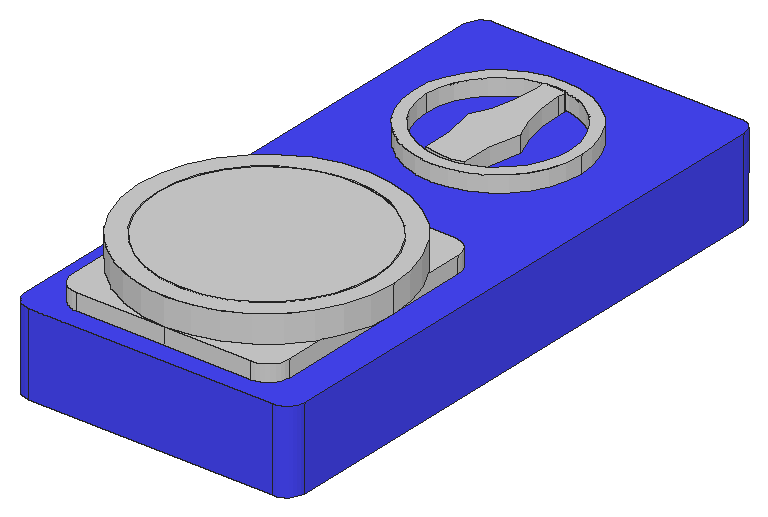
Revit family "Building-IEC309Connections-GEWISS-67IB-INTERLOCKED-SOCKET-OUTLETS_IP67_WITHOUT_BOTTOM_63A_FUS", category Apparecchi elettrici, host Superficie, Revit 2019
Family settings
  Host = Superficie
  Mantenere orientamento annotazione = Sì
  Quota connettore circolare = Usa diametro
  Tipo di parte = Normale
  Taglio con vuoti quando caricato = Sì
  Condiviso = Sì
  Punto di calcolo locali = Sì
Parameters (values of type "GW66355N - 63A 3P+N+E 500V V.INT.SOCK.O.N.B.7H CBF")
  presa = rosso
  giallo = 0 mm
  dist_piano [instance] = 0 mm
  Working temperature = "-25 ÷ +40 °C"
  With back-mounting box = "No"
  Weight (kg) = "Max. 2.2 Kg"
  Weight = "Max. 2.2 Kg"
  Vista_2d_pianta [instance] = yes
  Version file RFA = "21.4"
  URL = "https://www.gewiss.com/ww/en"
  Typology = "Vertical"
  Type of fuse = "Ø 22x58 mm"
  Thermo-pressure with ball = "125 °C"
  Technical sheet = "https://www.gewiss.com/ww/en/search?q=GW66355N"
  Struttura = Grigio RAL - 7035
  Simbolo presa = PRESAINDSTAGNA : 3P
  Simbolo [instance] = no
  Simb_circuito [instance] = not(Simbolo)  # yes
  Shock resistance = "IK08"
  SEO = "Socket outlet"
  Reference h = "7"
  Realized by GEWISS S.p.A. = ""
  Rated voltage: = "480 - 500 V"
  Rated voltage = "480 - 500 V"
  Rated short-circuit current (Icc) = "10KA"
  Rated insulation voltage (Ui) = "500V"
  Rated impulse withstand voltage = "4KV"
  Rated frequency (Hz) = "50/60 Hz"
  Rated current (In) = "63"
  Rated current (A) = "63"
  Protection = "Fuse-holder base (CBF)"
  Default Elevation = 1219.2 mm
  Produttore = "GEWISS S.p.A."
  Operating temperature: = "-25 +40 °C"
  Number of poles = "3P+N+E"
  No. of poles = "3P+N+E"
  Modello = "GW66355N"
  Immagine tipo = H.jpg
  IP degree = "IP67"
  IDT = "4db8474b-84e3-4347-92c1-42259bd8bc9a"
  IDF = "17539d88-40d3-4220-808a-0c55cd6dcccb"
  IB socket outlet rated current (In) = "48A"
  Glow wire test: = "850 °C"
  Glow Wire Test = "850 °C"
  Fuse breacking capacity = "> 50 kA"
  Frequency = "50/60 Hz"
  Electrocod = "2222"
  EAN code = "8011564742109"
  Distanza x [instance] = 0 mm
  Distanza orizzontale simbolo [instance] = 0 mm
  Distanza effettiva x [instance] = 1500 mm - Distanza x  # 1500 mm
  Descrizione = "63A 3P+N+E 500V V.INT.SOCK.O.N.B.7H CBF"
  Corpo presa = GEWISS -BLU
  Cornice simbolo [instance] = yes
  Colour: = "Black"
  Colour = "Black"
  Catalogue Range = "67 IB"
  Catalogue = "BUILDING"
  COBie.Tagnumber = ""
  COBie.CreatedOn = ""
  COBie.CreatebBy = ""
  COBie.ComponentRegisterItemID = ""
  COBie.Component.TagNumber = ""
  COBie.Component.Space = ""
  COBie.Component.SerialNumber = ""
  COBie.Component.InstallationDate = ""
  COBie.Component.Description = ""
  COBie.Component.BarCode = ""
Types (11, lengths in mm): name | Technical sheet | Reference h | Rated voltage: | Rated voltage | Number of poles | No. of poles | Modello | IDT | IB socket outlet rated current (In) | EAN code | Descrizione | Colour: | Colour
  GW66345N - 63A 2P+E 110V V.INT.SOCK.O.N.B.4H CBF | "https://www.gewiss.com/ww/en/search?q=GW66345N" | "4" | "100 - 130 V" | "100 - 130 V" | "2P+E" | "2P+E" | "GW66345N" | "4b837fe5-e4c2-4626-a97d-cca6ee99e685" | "54A" | "8011564742000" | "63A 2P+E 110V V.INT.SOCK.O.N.B.4H CBF" | "Yellow" | "Yellow"
  GW66346N - 63A 3P+E 110V V.INT.SOCK.O.N.B.4H CBF | "https://www.gewiss.com/ww/en/search?q=GW66346N" | "4" | "100 - 130 V" | "100 - 130 V" | "3P+E" | "3P+E" | "GW66346N" | "4c4410a6-467e-420a-9df7-8cc6c2932e27" | "52A" | "8011564742017" | "63A 3P+E 110V V.INT.SOCK.O.N.B.4H CBF" | "Yellow" | "Yellow"
  GW66347N - 63A 3P+N+E 110V V.INT.SOCK.O.N.B.4H CBF | "https://www.gewiss.com/ww/en/search?q=GW66347N" | "4" | "100 - 130 V" | "100 - 130 V" | "3P+N+E" | "3P+N+E" | "GW66347N" | "509b2adc-6624-4ef6-a389-740a951d5000" | "48A" | "8011564742024" | "63A 3P+N+E 110V V.INT.SOCK.O.N.B.4H CBF" | "Yellow" | "Yellow"
  GW66348N - 63A 2P+E 230V V.INT.SOCK.O.N.B.6H CBF | "https://www.gewiss.com/ww/en/search?q=GW66348N" | "6" | "200 - 250 V" | "200 - 250 V" | "2P+E" | "2P+E" | "GW66348N" | "b3ab9795-cf69-4349-9b47-740c6045b857" | "54A" | "8011564742031" | "63A 2P+E 230V V.INT.SOCK.O.N.B.6H CBF" | "Blue" | "Blue"
  GW66349N - 63A 3P+E 230V V.INT.SOCK.O.N.B.9H CBF | "https://www.gewiss.com/ww/en/search?q=GW66349N" | "9" | "200 - 250 V" | "200 - 250 V" | "3P+E" | "3P+E" | "GW66349N" | "02896c08-89f6-43bd-8194-13a8c1370ac5" | "52A" | "8011564742048" | "63A 3P+E 230V V.INT.SOCK.O.N.B.9H CBF" | "Blue" | "Blue"
  GW66350N - 63A 3P+N+E 230V V.INT.SOCK.O.N.B.9H CBF | "https://www.gewiss.com/ww/en/search?q=GW66350N" | "9" | "200 - 250 V" | "200 - 250 V" | "3P+N+E" | "3P+N+E" | "GW66350N" | "41c149cf-6bbd-433c-a3c7-372eb4135184" | "48A" | "8011564742055" | "63A 3P+N+E 230V V.INT.SOCK.O.N.B.9H CBF" | "Blue" | "Blue"
  GW66351N - 63A 2P+E 400V V.INT.SOCK.O.N.B.6H CBF | "https://www.gewiss.com/ww/en/search?q=GW66351N" | "9" | "380 - 415 V" | "380 - 415 V" | "2P+E" | "2P+E" | "GW66351N" | "141da110-bcb7-4cb5-b342-2def1369f166" | "54A" | "8011564742062" | "63A 2P+E 400V V.INT.SOCK.O.N.B.6H CBF" | "Red" | "Red"
  GW66352N - 63A 3P+E 400V V.INT.SOCK.O.N.B.9H CBF | "https://www.gewiss.com/ww/en/search?q=GW66352N" | "6" | "380 - 415 V" | "380 - 415 V" | "3P+E" | "3P+E" | "GW66352N" | "225a84bf-1993-4016-8b32-75fc2fcac37d" | "52A" | "8011564742079" | "63A 3P+E 400V V.INT.SOCK.O.N.B.9H CBF" | "Red" | "Red"
  GW66353N - 63A 3P+N+E 400V V.INT.SOCK.O.N.B.9H CBF | "https://www.gewiss.com/ww/en/search?q=GW66353N" | "6" | "380 - 415 V" | "380 - 415 V" | "3P+N+E" | "3P+N+E" | "GW66353N" | "61b4eed7-4850-4a25-95e5-51eea97569ed" | "48A" | "8011564742086" | "63A 3P+N+E 400V V.INT.SOCK.O.N.B.9H CBF" | "Red" | "Red"
  GW66354N - 63A 3P+E 500V V.INT.SOCK.O.N.B.7H CBF | "https://www.gewiss.com/ww/en/search?q=GW66354N" | "7" | "480 - 500 V" | "480 - 500 V" | "3P+E" | "3P+E" | "GW66354N" | "96b87499-3bd7-40db-951f-f2ee8e7f33d6" | "52A" | "8011564742093" | "63A 3P+E 500V V.INT.SOCK.O.N.B.7H CBF" | "Black" | "Black"
  GW66355N - 63A 3P+N+E 500V V.INT.SOCK.O.N.B.7H CBF | "https://www.gewiss.com/ww/en/search?q=GW66355N" | "7" | "480 - 500 V" | "480 - 500 V" | "3P+N+E" | "3P+N+E" | "GW66355N" | "4db8474b-84e3-4347-92c1-42259bd8bc9a" | "48A" | "8011564742109" | "63A 3P+N+E 500V V.INT.SOCK.O.N.B.7H CBF" | "Black" | "Black"
Reference planes
  plane 1 "Centro (Fronte/Retro)": y = 0
  plane 2: z = 0
  plane 3 "Centro (Sinistra/Destra)": x = 0
  plane 4: z = -2
  plane 5: x = 0
  plane 6: x = -1500
  plane 7: x = 0
  plane 8: through (-170.762, -4572, -38.353) normal (-0.6157, 0, 0.788)
  plane 9: x = -51.152
  plane 10: x = 53.222
  plane 11: z = -2
  plane 12: y = -110
  plane 13: y = 110
  plane 14: z = -2
  plane 15: z = 45
Forms (mm)
  Extrusion 1, solid, detail levels coarse
    sketch origin (0, 0, 0) x (1, 0, 0) y (0, 0, 1)
      loop
        line (-51.152, 45) -> (-51.152, -2) -> (53.222, -2) -> (53.222, 45) -> (-51.152, 45)
    from -108.895 to 109.105
Lines and regions (mm)
  Masking region 1, visible <- "Vista_2d_pianta"
    outline origin (0, 0, 0) x (1, 0, 0) y (0, 0, 1)
      loop
        line (-50.384, 28) -> (-50.384, -2) -> (52.616, -2) -> (52.616, 28) -> (-50.384, 28)
  Masking region 2, visible <- "Vista_2d_pianta"
    outline origin (0, 0, 0) x (1, 0, 0) y (0, 0, 1)
      loop
        line (-40, 34) -> (-40, 28) -> (40, 28) -> (40, 34) -> (-40, 34)
  Masking region 3, visible <- "Vista_2d_pianta"
    outline origin (0, 0, 0) x (1, 0, 0) y (0, 0, 1)
      loop
        line (-46.899, 34) -> (46.899, 34) -> (46.899, 44) -> (-46.899, 44) -> (-46.899, 34)
Dimensions and locks
  locked: plane 2 to plane 4 at 2
  "Distanza effettiva x": plane 5 to plane 6
  plane 3 "Centro (Sinistra/Destra)" to plane 6 = 1500 mm
  plane 6 to plane 5 = 1500 mm
  "Distanza effettiva x": plane 6 to plane 7
  locked: plane 9 to Masking region 1 at 0.768
  locked: Masking region 1 to plane 10 at 0.606
  "dist_piano": plane 14 to plane 4
  equal spacing: plane 12, plane 1 "Centro (Fronte/Retro)", plane 13
  locked: plane 12 to plane 13 at 220
  locked: plane 11 to plane 14 at 0
  locked: plane 15 to plane 11 at 47
  angle plane 8 to plane 4 = 142.00°
  angle plane 7 to plane 8 = 128.00°
  aligned and locked: plane 2 to host face
  aligned and locked: level to host face
  aligned and locked: plane 3 "Centro (Sinistra/Destra)" to nested 1
  aligned and locked: Masking region 1 sketch curve to nested 1  (x4)
  aligned and locked: Masking region 2 sketch curve to nested 1  (x4)
  aligned and locked: Extrusion 1 sketch curve to plane 9
  aligned and locked: Extrusion 1 sketch curve to plane 10
  aligned and locked: nested 1 to plane 11
  aligned and locked: Masking region 3 sketch curve to nested 1  (x4)
  aligned and locked: Extrusion 1 to plane 14
  aligned and locked: plane 15 to Extrusion 1
  aligned and locked: plane 7 to nested 2
  aligned and locked: plane 7 to nested 3
Automatic sketch dimensions
  host sketch curve to host sketch curve = 2438.4 mm  (x2)
  Extrusion 1 sketch curve to plane 11 = 0 mm
  plane 11 to Extrusion 1 sketch curve = 47 mm
Nested families
  nested 1: "IB PRESE INTERBLOC VERT_NO FONDO" at (0, 0, -2), type "IB PRESE INTERBLOC VERT_NO FONDO", detail levels medium+fine
  nested 2: "simbolo_circuitoGW66324N" at (0, 30.442, 0), Distanza dal muro <- "Distanza orizzontale simbolo", SIMBOLO ACCESO <- "Simb_circuito", visible <- "Simb_circuito", type "3P"
    with SIMBOLO ACCESO yes, Distanza dal muro 0 mm, BORDO ACCESO yes
  nested 3: "PRESAINDPFUS_BASE" at (0, 23.722, 0), visible <- "Simbolo", type "2P"
Definition of nested family "IB PRESE INTERBLOC VERT_NO FONDO"
  Parameters (values of type "IB PRESE INTERBLOC VERT_NO FONDO")
    corpo presa = none
    Struttura = none
    Spessore = 30 mm
    Raggio = 40 mm
    Default Elevation = 14 mm
    Presa = none
    Lunghezza = 103 mm
    IFC.TypeObject = ""
    IFC.ExportType = ""
    IFC.ExportAs = ""
    H_da terra = 586.883 mm
    COBie.CreatedOn = ""
    COBie.CreatebBy = ""
    COBie.ComponentRegisterItemID = ""
    COBie.Component.TagNumber = ""
    COBie.Component.Space = ""
    COBie.Component.SerialNumber = ""
    COBie.Component.InstallationDate = ""
    COBie.Component.Description = ""
    COBie.Component.BarCode = ""
    Altezza = 220 mm
  Reference planes
    plane 1 "Centro (Fronte/Retro)": y = 0
    plane 2: z = 0
    plane 3 "Centro (Sinistra/Destra)": x = 0
    plane 4: z = 6.883
    plane 5: z = 10.499
    plane 6 "presa": z = 46
    plane 7: z = 36
    plane 8: z = 30
    plane 9: x = -40
    plane 10: x = 40
    plane 11: y = -5.355
    plane 12: y = -98.612
    plane 13: y = -51.359
  Forms (mm)
    Extrusion 1, solid, material <- "Struttura"
      sketch origin (0, -697.104, -30) x (1, 0, 0) y (0, 1, 0)
        loop
          line (-0.408, 691.748) -> (-32.003, 691.748)
          spline (-32.003, 691.748) -> (-33.047, 691.681) -> (-34.073, 691.48) -> (-35.063, 691.148) -> (-36.002, 690.693) -> (-36.871, 690.12) -> (-37.658, 689.441) -> (-38.347, 688.666) -> (-38.929, 687.809) -> (-39.391, 686.885) -> (-39.728, 685.909) -> (-39.932, 684.898) -> (-40, 683.87)
          line (-40, 683.87) -> (-40, 606.37)
          spline (-40, 606.37) -> (-39.932, 605.341) -> (-39.728, 604.331) -> (-39.391, 603.355) -> (-38.929, 602.43) -> (-38.347, 601.574) -> (-37.658, 600.799) -> (-36.871, 600.119) -> (-36.002, 599.547) -> (-35.063, 599.091) -> (-34.073, 598.76) -> (-33.047, 598.559) -> (-32.003, 598.491)
          line (-32.003, 598.491) -> (0, 598.491) -> (32.003, 598.491)
          spline (32.003, 598.491) -> (33.047, 598.559) -> (34.073, 598.76) -> (35.063, 599.091) -> (36.002, 599.547) -> (36.871, 600.119) -> (37.658, 600.799) -> (38.347, 601.574) -> (38.929, 602.43) -> (39.391, 603.355) -> (39.728, 604.331) -> (39.932, 605.341) -> (40, 606.37)
          line (40, 606.37) -> (40, 683.87)
          spline (40, 683.87) -> (39.932, 684.898) -> (39.728, 685.909) -> (39.391, 686.885) -> (38.929, 687.809) -> (38.347, 688.666) -> (37.658, 689.441) -> (36.871, 690.12) -> (36.002, 690.693) -> (35.063, 691.148) -> (34.073, 691.48) -> (33.047, 691.681) -> (32.003, 691.748)
          line (32.003, 691.748) -> (-0.408, 691.748)
      from 60 to 66
    Extrusion 2, solid, material <- "Presa"
      sketch origin (0, -700.854, -30) x (1, 0, 0) y (0, 1, 0)
        loop
          circle (0, 649.495) r 46.899
        loop
          circle (0, 649.495) r 40
      from 66 to 76
    Extrusion 3, solid, material <- "Struttura"
      sketch origin (0, -697.104, -30) x (1, 0, 0) y (0, 1, 0)
        loop
          circle (0, 752.384) r 30.831
        loop
          circle (0, 752.384) r 26.483
      from 60 to 66
    Extrusion 4, solid, material <- "Struttura"
      sketch origin (0, -697.104, -30) x (1, 0, 0) y (0, 1, 0)
        loop
          arc (-9.552, 750.899) -> (-7.429, 739.645) -> (-7.314, 728.193) r 64.983
          arc (-7.314, 728.193) -> (-0.131, 727.067) -> (7.064, 728.115) r 24.316
          arc (7.064, 728.115) -> (7.302, 739.566) -> (9.547, 750.796) r 64.983
          arc (9.547, 750.796) -> (5.519, 762.425) -> (4.215, 774.661) r 54.251
          line (4.215, 774.661) -> (4.25, 777.658)
          arc (4.25, 777.658) -> (3.985, 778.329) -> (3.336, 778.647) r 1
          arc (3.336, 778.647) -> (0.147, 778.794) -> (-3.043, 778.682) r 39.364
          arc (-3.043, 778.682) -> (-3.695, 778.371) -> (-3.967, 777.702) r 1
          line (-3.967, 777.702) -> (-3.964, 774.706)
          arc (-3.964, 774.706) -> (-5.4, 762.483) -> (-9.552, 750.899) r 54.251
      from 60 to 66
    Extrusion 5, solid, material <- "corpo presa"
      sketch origin (-2.5, -699.604, -30) x (1, 0, 0) y (0, 1, 0)
        loop
          arc (55.116, 802.193) -> (53.269, 806.652) -> (48.81, 808.499) r 6.306
          line (48.81, 808.499) -> (-41.578, 808.499)
          arc (-41.578, 808.499) -> (-46.037, 806.652) -> (-47.884, 802.193) r 6.306
          line (-47.884, 802.193) -> (-47.884, 600.052)
          arc (-47.884, 600.052) -> (-45.976, 595.446) -> (-41.369, 593.537) r 6.515
          line (-41.369, 593.537) -> (48.601, 593.537)
          arc (48.601, 593.537) -> (53.208, 595.446) -> (55.116, 600.052) r 6.515
          line (55.116, 600.052) -> (55.116, 802.193)
      from 30 to 60
    Extrusion 6, solid, material <- "Struttura", not visible
      sketch origin (0, 47.014, -580) x (1, 0, 0) y (0, 0, 1)
        loop
          line (-0.408, 691.748) -> (-29.506, 691.748)
          spline (-29.506, 691.748) -> (-30.55, 691.681) -> (-31.576, 691.48) -> (-32.567, 691.148) -> (-33.505, 690.693) -> (-34.375, 690.12) -> (-35.161, 689.441) -> (-35.851, 688.666) -> (-36.432, 687.809) -> (-36.895, 686.885) -> (-37.231, 685.909) -> (-37.435, 684.898) -> (-37.503, 683.87)
          line (-37.503, 683.87) -> (-37.503, 615.12)
          spline (-37.503, 615.12) -> (-37.435, 614.091) -> (-37.231, 613.081) -> (-36.895, 612.105) -> (-36.432, 611.18) -> (-35.851, 610.324) -> (-35.161, 609.549) -> (-34.375, 608.869) -> (-33.505, 608.297) -> (-32.567, 607.841) -> (-31.576, 607.51) -> (-30.55, 607.309) -> (-29.506, 607.241)
          line (-29.506, 607.241) -> (0, 607.241) -> (29.506, 607.241)
          spline (29.506, 607.241) -> (30.55, 607.309) -> (31.576, 607.51) -> (32.567, 607.841) -> (33.505, 608.297) -> (34.375, 608.869) -> (35.161, 609.549) -> (35.851, 610.324) -> (36.432, 611.18) -> (36.895, 612.105) -> (37.231, 613.081) -> (37.435, 614.091) -> (37.503, 615.12)
          line (37.503, 615.12) -> (37.503, 683.87)
          spline (37.503, 683.87) -> (37.435, 684.898) -> (37.231, 685.909) -> (36.895, 686.885) -> (36.432, 687.809) -> (35.851, 688.666) -> (35.161, 689.441) -> (34.375, 690.12) -> (33.505, 690.693) -> (32.567, 691.148) -> (31.576, 691.48) -> (30.55, 691.681) -> (29.506, 691.748)
          line (29.506, 691.748) -> (-0.408, 691.748)
      from 51.991 to 55.821
    Extrusion 7, solid, material <- "Presa", not visible
      sketch origin (0, 47.014, -580) x (1, 0, 0) y (0, 0, 1)
        loop
          circle (0, 646.456) r 46.899
      from 55.821 to 62.709
    Extrusion 8, solid, material <- "Struttura", not visible
      sketch origin (0, 47.014, -580) x (1, 0, 0) y (0, 0, 1)
        loop
          circle (0, 752.384) r 30.831
        loop
          circle (0, 752.384) r 26.483
      from 51.991 to 62.709
    Extrusion 9, solid, material <- "Struttura", not visible
      sketch origin (0, 47.014, -580) x (1, 0, 0) y (0, 0, 1)
        loop
          arc (-9.552, 750.899) -> (-7.429, 739.645) -> (-7.314, 728.193) r 64.983
          arc (-7.314, 728.193) -> (-0.131, 727.067) -> (7.064, 728.115) r 24.316
          arc (7.064, 728.115) -> (7.302, 739.566) -> (9.547, 750.796) r 64.983
          arc (9.547, 750.796) -> (5.519, 762.425) -> (4.215, 774.661) r 54.251
          line (4.215, 774.661) -> (4.25, 777.658)
          arc (4.25, 777.658) -> (3.985, 778.329) -> (3.336, 778.647) r 1
          arc (3.336, 778.647) -> (0.147, 778.794) -> (-3.043, 778.682) r 39.364
          arc (-3.043, 778.682) -> (-3.695, 778.371) -> (-3.967, 777.702) r 1
          line (-3.967, 777.702) -> (-3.964, 774.706)
          arc (-3.964, 774.706) -> (-5.4, 762.483) -> (-9.552, 750.899) r 54.251
      from 51.991 to 62.709
    Extrusion 10, solid, material <- "corpo presa", not visible
      sketch origin (0, 47.014, -580) x (1, 0, 0) y (0, 0, 1)
        loop
          arc (47.884, 796.962) -> (46.037, 801.42) -> (41.578, 803.267) r 6.306
          line (41.578, 803.267) -> (-41.578, 803.267)
          arc (-41.578, 803.267) -> (-46.037, 801.42) -> (-47.884, 796.962) r 6.306
          line (-47.884, 796.962) -> (-47.884, 597.014)
          arc (-47.884, 597.014) -> (-45.976, 592.407) -> (-41.369, 590.499) r 6.515
          line (-41.369, 590.499) -> (41.369, 590.499)
          arc (41.369, 590.499) -> (45.976, 592.407) -> (47.884, 597.014) r 6.515
          line (47.884, 597.014) -> (47.884, 796.962)
      from 30 to 51.991
    Extrusion 11, solid, material <- "Struttura"
      sketch origin (1.116, -3.75, 0) x (1, 0, 0) y (0, 1, 0)
        loop
          circle (-1.116, -47.609) r 40
      from 36 to 46
  Lines and regions (mm)
    symbolic lines
      curve 1: line (0, 0, 46) -> (0, -106.066, 46)
      curve 2: line (-40, -51.359, 46) -> (40, -51.359, 46)
  Dimensions and locks
    locked: plane 5 to plane 4 at 3.616
    Extrusion 5 sketch curve to Extrusion 5 sketch curve = 103 mm
    plane 6 "presa" to plane 2 = 46 mm
    locked: plane 7 to plane 6 "presa" at 10
    plane 8 to plane 2 = 30 mm
    locked: plane 8 to plane 7 at 6
    equal spacing: plane 9, plane 3 "Centro (Sinistra/Destra)", plane 10
    locked: plane 9 to plane 10 at 80
    Extrusion 1 to Extrusion 1 = 93.257 mm
    "Raggio": radius of Extrusion 11 sketch curve
    "Raggio": radius of Extrusion 2 sketch curve
    aligned and locked: level to plane 2
    aligned and locked: Extrusion 3 to Extrusion 5
    aligned and locked: Extrusion 4 to Extrusion 3
    aligned and locked: Extrusion 3 to Extrusion 4
    aligned and locked: Extrusion 2 to Extrusion 1
    aligned and locked: Extrusion 5 to level
    aligned and locked: plane 6 "presa" to Extrusion 2
    aligned and locked: Extrusion 11 to Extrusion 1
    aligned and locked: plane 6 "presa" to Extrusion 11
    aligned and locked: Extrusion 1 to plane 7
    aligned and locked: Extrusion 5 to plane 8
    aligned and locked: plane 8 to Extrusion 1
    aligned and locked: Extrusion 3 to plane 7
    aligned and locked: curve 1 to plane 3 "Centro (Sinistra/Destra)"
    aligned and locked: Extrusion 1 sketch curve to plane 9
    aligned and locked: Extrusion 1 sketch curve to plane 10
    aligned and locked: plane 12 to Extrusion 1 sketch curve
    aligned and locked: curve 2 to plane 13
    aligned and locked: plane 3 "Centro (Sinistra/Destra)" to Extrusion 11 sketch curve
    aligned and locked: plane 13 to Extrusion 11 sketch curve
  Automatic sketch dimensions
    Extrusion 1 sketch curve to plane 3 "Centro (Sinistra/Destra)" = 0 mm
    Extrusion 1 sketch curve to plane 3 "Centro (Sinistra/Destra)" = 0.408 mm
    Extrusion 1 sketch curve to Extrusion 1 sketch curve = 32.003 mm
    plane 1 "Centro (Fronte/Retro)" to Extrusion 1 sketch curve = 5.355 mm
    Extrusion 1 sketch curve to Extrusion 1 sketch curve = 7.997 mm  (x2)
    plane 3 "Centro (Sinistra/Destra)" to Extrusion 1 sketch curve = 32.003 mm
    Extrusion 1 sketch curve to Extrusion 1 sketch curve = 7.878 mm  (x3)
    Extrusion 3 sketch curve to Extrusion 3 sketch curve = 0 mm  (x2)
    Extrusion 3 sketch curve to plane 3 "Centro (Sinistra/Destra)" = 0 mm
    Extrusion 3 sketch curve to plane 1 "Centro (Fronte/Retro)" = 55.28 mm
    Extrusion 4 sketch curve to plane 3 "Centro (Sinistra/Destra)" = 0 mm
    Extrusion 4 sketch curve to plane 3 "Centro (Sinistra/Destra)" = 0.064 mm
    Extrusion 4 sketch curve to plane 3 "Centro (Sinistra/Destra)" = 2.967 mm
    Extrusion 4 sketch curve to Extrusion 4 sketch curve = 0.997 mm
    Extrusion 4 sketch curve to Extrusion 4 sketch curve = 1 mm  (x2)
    Extrusion 4 sketch curve to Extrusion 4 sketch curve = 54.251 mm
    Extrusion 4 sketch curve to Extrusion 4 sketch curve = 13.883 mm
    plane 3 "Centro (Sinistra/Destra)" to Extrusion 4 sketch curve = 3.25 mm
    Extrusion 4 sketch curve to Extrusion 4 sketch curve = 0.965 mm
    Extrusion 4 sketch curve to Extrusion 4 sketch curve = 54.25 mm
    Extrusion 4 sketch curve to Extrusion 4 sketch curve = 13.435 mm
    Extrusion 4 sketch curve to plane 1 "Centro (Fronte/Retro)" = 35.393 mm
    Extrusion 4 sketch curve to plane 1 "Centro (Fronte/Retro)" = 36.167 mm
    Extrusion 4 sketch curve to plane 1 "Centro (Fronte/Retro)" = 42.327 mm
    Extrusion 4 sketch curve to Extrusion 4 sketch curve = 11.953 mm
    Extrusion 4 sketch curve to Extrusion 4 sketch curve = 41.757 mm
    Extrusion 4 sketch curve to Extrusion 4 sketch curve = 23.278 mm
    Extrusion 4 sketch curve to Extrusion 4 sketch curve = 0.044 mm
    Extrusion 4 sketch curve to Extrusion 4 sketch curve = 41.61 mm
    Extrusion 4 sketch curve to Extrusion 4 sketch curve = 2.99 mm
    Extrusion 4 sketch curve to Extrusion 4 sketch curve = 0.007 mm
    Extrusion 4 sketch curve to Extrusion 4 sketch curve = 2.979 mm
    Extrusion 4 sketch curve to Extrusion 4 sketch curve = 0.018 mm
    Extrusion 4 sketch curve to Extrusion 4 sketch curve = 0 mm
    Extrusion 4 sketch curve to plane 3 "Centro (Sinistra/Destra)" = 7.314 mm
    Extrusion 4 sketch curve to Extrusion 4 sketch curve = 9.552 mm
    plane 3 "Centro (Sinistra/Destra)" to Extrusion 4 sketch curve = 7.064 mm
    Extrusion 5 sketch curve to plane 3 "Centro (Sinistra/Destra)" = 50.384 mm
    Extrusion 5 sketch curve to Extrusion 5 sketch curve = 6.306 mm  (x2)
    Extrusion 5 sketch curve to Extrusion 5 sketch curve = 6.515 mm  (x2)
    Extrusion 5 sketch curve to plane 1 "Centro (Fronte/Retro)" = 102.59 mm
    Extrusion 1 sketch curve to plane 12 = 7.878 mm
    plane 12 to Extrusion 5 sketch curve = 0.939 mm
    plane 1 "Centro (Fronte/Retro)" to curve 1 = 0 mm
    curve 2 to plane 9 = 0 mm
    curve 2 to plane 10 = 0 mm
    plane 12 to curve 1 = 7.454 mm
    Extrusion 2 sketch curve to Extrusion 2 sketch curve = 0 mm  (x2)
    Extrusion 2 sketch curve to plane 3 "Centro (Sinistra/Destra)" = 0 mm
    Extrusion 2 sketch curve to plane 13 = 0 mm
    radius of Extrusion 3 sketch curve = 30.831 mm
    radius of Extrusion 3 sketch curve = 26.483 mm
    radius of Extrusion 2 sketch curve = 46.899 mm
Definition of nested family "simbolo_circuitoGW66324N"
  Parameters (values of type "3P")
    SIMBOLO ACCESO [instance] = yes
    SIMBOLO = PRESAINDSTAGNA_BASE : 3P
    Distanza dal muro [instance] = 0 mm
    BORDO ACCESO [instance] = yes
  Reference planes
    plane 1: y = 0
    plane 2: x = 0
  Dimensions and locks
    "Distanza dal muro": plane 1 to nested 1
    aligned and locked: plane 2 to nested 1
  Nested families
    nested 1: "GW66201N-simb_base_di circuito" at (0, 0, 0), visible <- "SIMBOLO ACCESO", type "3P"
      with CORNICE SIMBOLO yes
  Definition of nested family "GW66201N-simb_base_di circuito"
    Parameters (values of type "3P")
      CORNICE SIMBOLO [instance] = yes
      3P = yes
    Types (2, lengths in mm): name | 3P
      3P | yes
      2P | no
    Reference planes
      plane 1: y = 0
      plane 2: x = 0
    Lines and regions (mm)
      detail lines, not visible
        curve 1: line (-2.443, 10.208, 0) -> (2.057, 10.208, 0)
        curve 2: line (2.057, 10.208, 0) -> (2.057, 4.208, 0)
        curve 3: line (2.057, 4.208, 0) -> (-2.443, 4.208, 0)
        curve 4: line (-2.443, 4.208, 0) -> (-2.443, 10.208, 0)
        curve 5: line (-2.043, 9.808, 0) -> (1.657, 9.808, 0)
        curve 6: line (1.657, 9.808, 0) -> (1.657, 4.608, 0)
        curve 7: line (1.657, 4.608, 0) -> (-2.043, 4.608, 0)
        curve 8: line (-2.043, 4.608, 0) -> (-2.043, 9.808, 0)
    Dimensions and locks
      aligned and locked: import instance to plane 2
      aligned and locked: plane 1 to import instance
Definition of nested family "PRESAINDPFUS_BASE"
  Parameters (values of type "2P")
    DIS [instance] = 0 mm
    CORNICE SIMBOLO [instance] = yes
    3P = no
  Reference planes
    plane 1: y = 0
    plane 2: x = 0
  Lines and regions (mm)
    detail lines, visible <- "CORNICE SIMBOLO"
      curve 1: line (-0.9, 2.3, 0) -> (0.9, 2.3, 0)
      curve 2: line (0.9, 2.3, 0) -> (0.9, 0, 0)
      curve 3: line (0.9, 0, 0) -> (-0.9, 0, 0)
      curve 4: line (-0.9, 0, 0) -> (-0.9, 2.3, 0)
    detail lines, not visible
      curve 5: line (-2.443, 10.208, 0) -> (2.057, 10.208, 0)
      curve 6: line (2.057, 10.208, 0) -> (2.057, 4.208, 0)
      curve 7: line (2.057, 4.208, 0) -> (-2.443, 4.208, 0)
      curve 8: line (-2.443, 4.208, 0) -> (-2.443, 10.208, 0)
      curve 9: line (-2.043, 9.808, 0) -> (1.657, 9.808, 0)
      curve 10: line (1.657, 9.808, 0) -> (1.657, 4.608, 0)
      curve 11: line (1.657, 4.608, 0) -> (-2.043, 4.608, 0)
      curve 12: line (-2.043, 4.608, 0) -> (-2.043, 9.808, 0)
      curve 35: line (-0.45, 0.969, 0) -> (-0.167, 0.969, 0)
      curve 36: line (-0.167, 0.969, 0) -> (0.33, 1.829, 0)
      curve 37: line (0.33, 1.829, 0) -> (0.836, 1.536, 0)
      curve 38: line (-0.167, 0.969, 0) -> (-0.45, 0.478, 0)
      curve 39: line (-0.45, 0.478, 0) -> (-0.45, 2.241, 0)
      curve 40: line (0.135, 1.491, 0) -> (0.641, 1.199, 0)
      curve 41: line (-0.84, 0.478, 0) -> (-0.06, 0.478, 0)
      curve 42: line (-0.45, 0.852, 0) -> (-0.333, 0.969, 0)
      curve 43: line (-0.45, 0.783, 0) -> (-0.264, 0.969, 0)
      curve 44: line (-0.45, 0.714, 0) -> (-0.195, 0.969, 0)
      curve 45: line (-0.45, 0.645, 0) -> (-0.223, 0.872, 0)
      curve 46: line (-0.45, 0.576, 0) -> (-0.317, 0.709, 0)
      curve 48: arc (-0.84, 0.089, 0) -> (-0.45, 0.478, 0) -> (-0.06, 0.089, 0) r 0.39
      curve 49: line (-0.608, 1.143, 0) -> (-0.608, 1.964, 0)
      curve 50: line (-0.608, 1.964, 0) -> (-0.292, 1.964, 0)
      curve 51: line (-0.292, 1.964, 0) -> (-0.292, 1.143, 0)
      curve 52: line (-0.292, 1.143, 0) -> (-0.608, 1.143, 0)
    detail lines
      curve 13: line (-0.45, 0.969, 0) -> (-0.167, 0.969, 0)
      curve 14: line (-0.167, 0.969, 0) -> (0.33, 1.829, 0)
      curve 15: line (0.33, 1.829, 0) -> (0.836, 1.536, 0)
      curve 16: line (-0.167, 0.969, 0) -> (-0.45, 0.478, 0)
      curve 17: line (-0.45, 0.478, 0) -> (-0.45, 2.241, 0)
      curve 18: line (0.135, 1.491, 0) -> (0.641, 1.199, 0)
      curve 19: line (-0.84, 0.478, 0) -> (-0.06, 0.478, 0)
      curve 20: line (-0.45, 0.852, 0) -> (-0.333, 0.969, 0)
      curve 21: line (-0.45, 0.783, 0) -> (-0.264, 0.969, 0)
      curve 22: line (-0.45, 0.714, 0) -> (-0.195, 0.969, 0)
      curve 23: line (-0.45, 0.645, 0) -> (-0.223, 0.872, 0)
      curve 24: line (-0.45, 0.576, 0) -> (-0.317, 0.709, 0)
      curve 26: arc (-0.84, 0.089, 0) -> (-0.45, 0.478, 0) -> (-0.06, 0.089, 0) r 0.39
      curve 27: line (-0.608, 1.143, 0) -> (-0.608, 1.964, 0)
      curve 28: line (-0.608, 1.964, 0) -> (-0.292, 1.964, 0)
      curve 29: line (-0.292, 1.964, 0) -> (-0.292, 1.143, 0)
      curve 30: line (-0.292, 1.143, 0) -> (-0.608, 1.143, 0)
    detail lines, visible <- "3P"
      curve 25: line (-0.06, 1.154, 0) -> (0.446, 0.861, 0)
    detail lines, visible <- "CORNICE SIMBOLO", not visible
      curve 31: line (-0.9, 2.3, 0) -> (0.9, 2.3, 0)
      curve 32: line (0.9, 2.3, 0) -> (0.9, 0, 0)
      curve 33: line (0.9, 0, 0) -> (-0.9, 0, 0)
      curve 34: line (-0.9, 0, 0) -> (-0.9, 2.3, 0)
    detail lines, visible <- "3P", not visible
      curve 47: line (-0.06, 1.154, 0) -> (0.446, 0.861, 0)
  Dimensions and locks
    "DIS": plane 1 to curve 3
